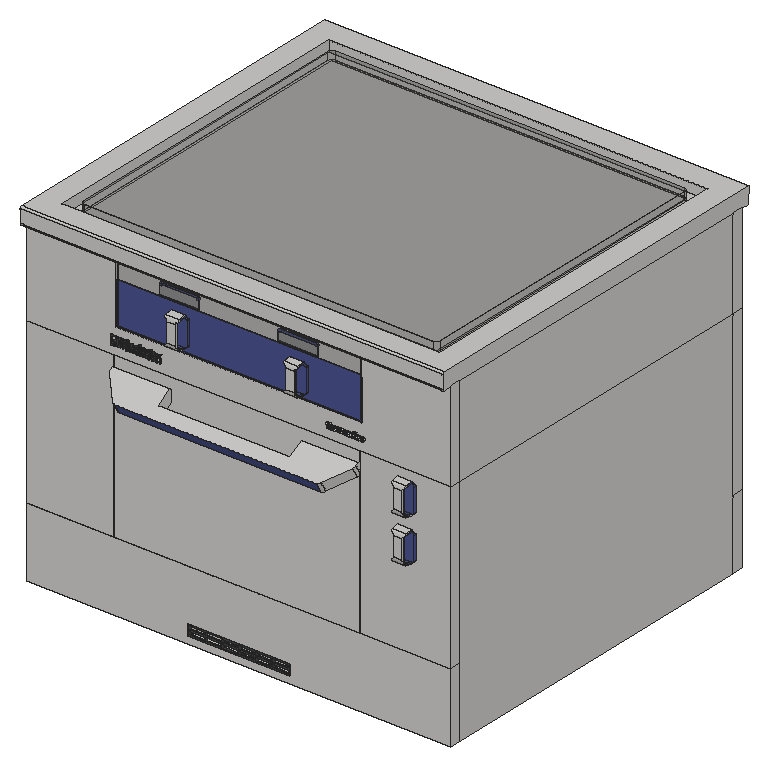
Revit family "QF_ELECTROLUXPROFESSIONAL_589670_MCINFCJ8AO", category Attrezzature speciali, Revit 2020
Family settings
  Quota connettore circolare = Usa diametro
  Tipo di parte = Normale
  Basato su piano di lavoro = No
  Sempre verticale = Sì
  Taglio con vuoti quando caricato = No
  Condiviso = No
  Punto di calcolo locali = No
Parameters (values of type "Standard")
  Weight = 197.00 kg
  Watts = 25000 W
  Volts = 400 V
  URL Manufacturer = "https://www.electroluxprofessional.com/"
  URL = "https://www.electroluxprofessional.com/"
  Steam Supply Size = 0"
  Steam Supply Minimum Pressure = 0.00 psi
  Steam Supply Maximum Pressure = 0.00 psi
  Steam Consumption per Hour = 0
  Refrigeration Suction Line Size = 0 mm
  Refrigeration Liquid Line Size = 0 mm
  Refrigerant Compressor Remote = yes
  Prospetto di default = 0 mm
  Phase = 3
  Modello = "MCINFCJ8AO"
  Produttore = "Electrolux Professional"
  Length Actual = 1000 mm  # constant formula
  Item Number = "589670"
  Hot Water Size = 0"
  Height Actual = 800 mm  # constant formula
  HP = "33.5 HP"
  Gas Size = 0"
  Gas KW = 0
  Gas Input Pressure = 0.0 Btu/h
  Direct Waste Size = 0"
  Descrizione = "INDUCTION,4Z,ST.OV.PASS,2S,1000X900X800H"
  Depth Actual = 900 mm  # constant formula
  Cycle = 50 Hz
  Condensate Return Size = 0"
  Compressed Air Volume = 0 GPM
  Compressed Air Size = 0"
  Compressed Air Pressure = 0.00 psi
  Cold Water Size = 0"
  Accessory = yes
Reference planes
  plane 1 "BACK": y = 0
  plane 2: z = 0
  plane 3 "LEFT": x = -100
  plane 4 "RIGHT": x = 900
  plane 5 "FRONT": y = -900
  plane 6 "TOP": z = 900
  plane 7 "Center (Left/Right)": x = 400
  plane 8: y = -450
  plane 9: z = 100
  plane 10: y = -150
  plane 11 "Panel": y = -855
  plane 12: z = 798
  plane 13: z = 1327
  plane 14: x = -22
  plane 15: x = 822
  plane 16: y = -150
  plane 17: y = -650
  plane 18 "EIx": x = 855
  plane 19 "EIy": y = -685
  plane 20: y = -880
  plane 21: z = 938
Forms (mm)
  Extrusion 1, solid, material "QF_Finishes_Stainless Steel"
    sketch origin (-178.969, -4572, 100) x (-1, 0, 0) y (0, -1, 0)
      loop
        line (-78.969, -4527) -> (-78.969, -3717) -> (-1078.969, -3717) -> (-1078.969, -4527) -> (-78.969, -4527)
    from 550 to 762.969
  Extrusion 2, solid, material "QF_Finishes_Stainless Steel"
    sketch origin (-100, 0, 0) x (0, 1, 0) y (0, 0, 1)
      loop
        line (-855, 100) -> (-855, 265) -> (-880, 265) -> (-880, 100) -> (-855, 100)
    from 0 to 1000
  Extrusion 3, solid, material "QF_Finishes_Stainless Steel"
    sketch origin (-488.969, -4662, 100) x (-1, 0, 0) y (0, -1, 0)
      loop
        circle (-1343.969, -3977) r 6.35
    from 0 to -11.851
  Extrusion 4, solid, material "QF_Finishes_Stainless Steel"
    sketch origin (400, 296.4, 1219.2) x (0, 1, 0) y (0, 0, 1)
      loop
        line (-296.4, -319.2) -> (-1191.4, -319.2)
        arc (-1191.4, -319.2) -> (-1194.935, -320.664) -> (-1196.4, -324.2) r 5
        line (-1196.4, -324.2) -> (-1196.4, -355.2)
        arc (-1196.4, -355.2) -> (-1194.971, -358.264) -> (-1191.705, -359.139) r 4
        line (-1191.705, -359.139) -> (-1176.4, -356.231) -> (-316.4, -356.231) -> (-301.094, -359.139)
        arc (-301.094, -359.139) -> (-297.829, -358.264) -> (-296.4, -355.2) r 4
        line (-296.4, -355.2) -> (-296.4, -319.2)
    from -500 to 500
  Extrusion 5, solid, material "QF_Finishes_Electrolux_Black Smoke Iluminated"
    sketch origin (0, 0, 900) x (-1, 0, 0) y (0, -1, 0)
      loop
        arc (12, 79) -> (19.071, 81.929) -> (22, 89) r 10
        line (22, 89) -> (22, 810)
        arc (22, 810) -> (19.071, 817.071) -> (12, 820) r 10
        line (12, 820) -> (-812, 820)
        arc (-812, 820) -> (-819.071, 817.071) -> (-822, 810) r 10
        line (-822, 810) -> (-822, 89)
        arc (-822, 89) -> (-819.071, 81.929) -> (-812, 79) r 10
        line (-812, 79) -> (12, 79)
    from 0 to -20
  Extrusion 6, solid, material "QF_Finishes_Stainless Steel"
    sketch origin (-178.969, -4572, 100) x (-1, 0, 0) y (0, -1, 0)
      loop
        line (-78.969, -4527) -> (-78.969, -3717) -> (-1078.969, -3717) -> (-1078.969, -4527) -> (-78.969, -4527)
    from 550 to 0
  Extrusion 7, void
    sketch origin (0, -855, 0) x (-1, 0, 0) y (0, 0, 1)
      loop
        line (-520, 116.594) -> (-280, 116.594) -> (-280, 141.594) -> (-520, 141.594) -> (-520, 116.594)
    from 0 to -25
  Extrusion 8, solid, material "QF_Finishes_Black"
    sketch origin (0, -855, 0) x (-1, 0, 0) y (0, 0, 1)
      loop
        line (-280, 141.594) -> (-520, 141.594) -> (-520, 116.594) -> (-280, 116.594) -> (-280, 141.594)
      loop
        line (-282, 139.594) -> (-319.131, 139.594) -> (-319.131, 130.094) -> (-282, 130.094) -> (-282, 139.594)
      loop
        line (-282, 118.594) -> (-282, 128.094) -> (-319.131, 128.094) -> (-319.131, 118.594) -> (-282, 118.594)
      loop
        line (-321.131, 139.594) -> (-359.066, 139.594) -> (-359.066, 130.094) -> (-321.131, 130.094) -> (-321.131, 139.594)
      loop
        line (-399, 139.594) -> (-399, 130.094) -> (-361.066, 130.094) -> (-361.066, 139.594) -> (-399, 139.594)
      loop
        line (-401, 139.594) -> (-438.934, 139.594) -> (-438.934, 130.094) -> (-401, 130.094) -> (-401, 139.594)
      loop
        line (-359.066, 118.594) -> (-321.131, 118.594) -> (-321.131, 128.094) -> (-359.066, 128.094) -> (-359.066, 118.594)
      loop
        line (-361.066, 118.594) -> (-361.066, 128.094) -> (-399, 128.094) -> (-399, 118.594) -> (-361.066, 118.594)
      loop
        line (-401, 128.094) -> (-438.934, 128.094) -> (-438.934, 118.594) -> (-401, 118.594) -> (-401, 128.094)
      loop
        line (-518, 139.594) -> (-518, 130.094) -> (-480.869, 130.094) -> (-480.869, 139.594) -> (-518, 139.594)
      loop
        line (-518, 118.594) -> (-480.869, 118.594) -> (-480.869, 128.094) -> (-518, 128.094) -> (-518, 118.594)
      loop
        line (-478.869, 139.594) -> (-478.869, 130.094) -> (-440.934, 130.094) -> (-440.934, 139.594) -> (-478.869, 139.594)
      loop
        line (-440.934, 118.594) -> (-440.934, 128.094) -> (-478.869, 128.094) -> (-478.869, 118.594) -> (-440.934, 118.594)
    from -25.03 to -20
  Extrusion 9, void
    sketch origin (0, 0, 900) x (-1, 0, 0) y (0, -1, 0)
      loop
        line (47, 845) -> (-847, 845) -> (-847, 54) -> (47, 54) -> (47, 845)
    from 0 to -25
  Extrusion 10, solid, material "QF_Finishes_Stainless Steel"
    sketch origin (0, 0, 900) x (-1, 0, 0) y (0, -1, 0)
      loop
        line (18, 83) -> (18, 816) -> (-818, 816) -> (-818, 83) -> (18, 83)
    from -20 to -25
  Extrusion 11, solid, material "QF_Finishes_Stainless Steel"
    sketch origin (-100, -900, 0) x (0, -1, 0) y (0, 0, -1)
      loop
        line (-855, -100) -> (-880, -100) -> (-880, -265) -> (-855, -265) -> (-855, -100)
    from 0 to 1000
  Extrusion 12, void
    sketch origin (0, -45, 0) x (-1, 0, 0) y (0, 0, -1)
      loop
        line (-520, -116.594) -> (-520, -141.594) -> (-280, -141.594) -> (-280, -116.594) -> (-520, -116.594)
    from 0 to -25
  Extrusion 13, solid, material "QF_Finishes_Black"
    sketch origin (0, -45, 0) x (-1, 0, 0) y (0, 0, -1)
      loop
        line (-280, -141.594) -> (-280, -116.594) -> (-520, -116.594) -> (-520, -141.594) -> (-280, -141.594)
      loop
        line (-282, -139.594) -> (-282, -130.094) -> (-319.131, -130.094) -> (-319.131, -139.594) -> (-282, -139.594)
      loop
        line (-282, -118.594) -> (-319.131, -118.594) -> (-319.131, -128.094) -> (-282, -128.094) -> (-282, -118.594)
      loop
        line (-321.131, -139.594) -> (-321.131, -130.094) -> (-359.066, -130.094) -> (-359.066, -139.594) -> (-321.131, -139.594)
      loop
        line (-399, -139.594) -> (-361.066, -139.594) -> (-361.066, -130.094) -> (-399, -130.094) -> (-399, -139.594)
      loop
        line (-401, -139.594) -> (-401, -130.094) -> (-438.934, -130.094) -> (-438.934, -139.594) -> (-401, -139.594)
      loop
        line (-359.066, -118.594) -> (-359.066, -128.094) -> (-321.131, -128.094) -> (-321.131, -118.594) -> (-359.066, -118.594)
      loop
        line (-361.066, -118.594) -> (-399, -118.594) -> (-399, -128.094) -> (-361.066, -128.094) -> (-361.066, -118.594)
      loop
        line (-401, -128.094) -> (-401, -118.594) -> (-438.934, -118.594) -> (-438.934, -128.094) -> (-401, -128.094)
      loop
        line (-518, -139.594) -> (-480.869, -139.594) -> (-480.869, -130.094) -> (-518, -130.094) -> (-518, -139.594)
      loop
        line (-518, -118.594) -> (-518, -128.094) -> (-480.869, -128.094) -> (-480.869, -118.594) -> (-518, -118.594)
      loop
        line (-478.869, -139.594) -> (-440.934, -139.594) -> (-440.934, -130.094) -> (-478.869, -130.094) -> (-478.869, -139.594)
      loop
        line (-440.934, -118.594) -> (-478.869, -118.594) -> (-478.869, -128.094) -> (-440.934, -128.094) -> (-440.934, -118.594)
    from -25.03 to -20
Cuts and joins
  Extrusion 7, Extrusion 12 cuts Extrusion 6
  Extrusion 7, Extrusion 12 cuts Extrusion 2
  Extrusion 9 cuts Extrusion 4
  Extrusion 12 cuts Extrusion 8
  Extrusion 12 cuts Extrusion 11
Lines and regions (mm)
  symbolic lines
    curve 1: line (-100, 0, 100) -> (900, 0, 100)
    curve 2: line (-100, -900, 100) -> (-100, 0, 100)
    curve 3: line (900, -900, 100) -> (-100, -900, 100)
    curve 4: line (900, 0, 100) -> (900, -900, 100)
    curve 5: line (812, -79, 100) -> (-12, -79, 100)
    curve 6: line (-22, -89, 100) -> (-22, -810, 100)
    curve 7: line (-12, -820, 100) -> (812, -820, 100)
    curve 8: line (822, -810, 100) -> (822, -89, 100)
    curve 9: arc (-12, -79, 100) -> (-19.071, -81.929, 100) -> (-22, -89, 100) r 10
    curve 10: arc (822, -89, 100) -> (819.071, -81.929, 100) -> (812, -79, 100) r 10
    curve 11: arc (812, -820, 100) -> (819.071, -817.071, 100) -> (822, -810, 100) r 10
    curve 12: arc (-22, -810, 100) -> (-19.071, -817.071, 100) -> (-12, -820, 100) r 10
    curve 13: line (847, -54, 900) -> (-47, -54, 900)
    curve 14: line (-47, -54, 900) -> (-47, -845, 900)
    curve 15: line (847, -845, 900) -> (847, -54, 900)
    curve 16: line (-47, -845, 900) -> (847, -845, 900)
  model lines
    curve 17: line (64.474, -422.012, 900) -> (46.796, -404.335, 900)
    curve 18: line (46.796, -404.335, 900) -> (46.796, -169.335, 900)
    curve 19: line (46.796, -169.335, 900) -> (64.474, -151.657, 900)
    curve 20: line (183.85, -245.603, 900) -> (183.85, -325.603, 900)
    curve 21: line (143.85, -285.603, 900) -> (223.85, -285.603, 900)
    curve 22: line (303.226, -422.012, 900) -> (320.903, -404.335, 900)
    curve 23: line (320.903, -404.335, 900) -> (320.903, -169.335, 900)
    curve 24: line (320.903, -169.335, 900) -> (303.226, -151.657, 900)
    curve 25: line (494.474, -422.012, 900) -> (476.796, -404.335, 900)
    curve 26: line (476.796, -404.335, 900) -> (476.796, -169.335, 900)
    curve 27: line (476.796, -169.335, 900) -> (494.474, -151.657, 900)
    curve 28: line (613.85, -245.603, 900) -> (613.85, -325.603, 900)
    curve 29: line (573.85, -285.603, 900) -> (653.85, -285.603, 900)
    curve 30: line (733.226, -422.012, 900) -> (750.903, -404.335, 900)
    curve 31: line (750.903, -404.335, 900) -> (750.903, -169.335, 900)
    curve 32: line (750.903, -169.335, 900) -> (733.226, -151.657, 900)
    curve 33: line (64.474, -477.988, 900) -> (46.796, -495.665, 900)
    curve 34: line (46.796, -495.665, 900) -> (46.796, -730.665, 900)
    curve 35: line (46.796, -730.665, 900) -> (64.474, -748.343, 900)
    curve 36: line (183.85, -654.397, 900) -> (183.85, -574.397, 900)
    curve 37: line (143.85, -614.397, 900) -> (223.85, -614.397, 900)
    curve 38: line (303.226, -477.988, 900) -> (320.903, -495.665, 900)
    curve 39: line (320.903, -495.665, 900) -> (320.903, -730.665, 900)
    curve 40: line (320.903, -730.665, 900) -> (303.226, -748.343, 900)
    curve 41: line (494.474, -477.988, 900) -> (476.796, -495.665, 900)
    curve 42: line (476.796, -495.665, 900) -> (476.796, -730.665, 900)
    curve 43: line (476.796, -730.665, 900) -> (494.474, -748.343, 900)
    curve 44: line (613.85, -654.397, 900) -> (613.85, -574.397, 900)
    curve 45: line (573.85, -614.397, 900) -> (653.85, -614.397, 900)
    curve 46: line (733.226, -477.988, 900) -> (750.903, -495.665, 900)
    curve 47: line (750.903, -495.665, 900) -> (750.903, -730.665, 900)
    curve 48: line (750.903, -730.665, 900) -> (733.226, -748.343, 900)
    curve 49: line (-7.896, -110.891, 900) -> (13.317, -89.677, 900)
    curve 50: line (13.317, -89.677, 900) -> (786.683, -89.677, 900)
    curve 51: line (807.896, -110.891, 900) -> (786.683, -89.677, 900)
    curve 52: line (-7.896, -789.109, 900) -> (13.317, -810.323, 900)
    curve 53: line (13.317, -810.323, 900) -> (786.683, -810.323, 900)
    curve 54: line (807.896, -789.109, 900) -> (786.683, -810.323, 900)
Dimensions and locks
  plane 3 "LEFT" to plane 4 "RIGHT" = 1000 mm
  plane 5 "FRONT" to plane 1 "BACK" = 900 mm
  plane 3 "LEFT" to plane 7 "Center (Left/Right)" to plane 4 "RIGHT" = 500 mm, 500 mm
  equal spacing: plane 5 "FRONT", plane 8, plane 1 "BACK"
  plane 6 "TOP" to level = 900 mm  (x2)
  plane 9 to level = 100 mm
  plane 1 "BACK" to plane 10 to plane 11 "Panel" = 150 mm, 705 mm  (x2)
  plane 6 "TOP" to plane 9 to level = 800 mm, 100 mm
  plane 1 "BACK" to plane 5 "FRONT" = 900 mm
  plane 1 "BACK" to Extrusion 3 = 685 mm
  plane 12 to plane 9 = 698 mm
  plane 13 to plane 6 "TOP" = 427 mm
  plane 6 "TOP" to plane 12 = 102 mm
  plane 14 to plane 3 "LEFT" = 78 mm
  plane 15 to plane 4 "RIGHT" = 78 mm
  locked: plane 1 "BACK" to plane 16 at 150
  locked: plane 16 to plane 17 at 500
  plane 11 "Panel" to plane 5 "FRONT" = 45 mm
  plane 18 "EIx" to plane 4 "RIGHT" = 45 mm
  plane 19 "EIy" to plane 1 "BACK" = 685 mm
  locked: plane 11 "Panel" to plane 20 at 25
  plane 21 to plane 6 "TOP" = 38 mm
  aligned and locked: level to plane 2
  aligned and locked: Extrusion 2 to plane 4 "RIGHT"
  aligned and locked: cut or joined group of Extrusion 4, Extrusion 9 to plane 3 "LEFT"
  aligned and locked: cut or joined group of Extrusion 4, Extrusion 9 to plane 4 "RIGHT"
  aligned and locked: cut or joined group of Extrusion 6, Extrusion 7, Extrusion 12 to plane 4 "RIGHT"
  aligned and locked: cut or joined group of Extrusion 6, Extrusion 7, Extrusion 12 to plane 3 "LEFT"
  aligned and locked: nested 1 to plane 11 "Panel"
  aligned and locked: nested 4 to plane 11 "Panel"
  aligned and locked: Extrusion 1 to plane 11 "Panel"
  aligned and locked: plane 11 "Panel" to cut or joined group of Extrusion 2, Extrusion 7, Extrusion 12
  aligned and locked: nested 2 to plane 20
  aligned and locked: nested 3 to plane 20
  aligned and locked: Extrusion 1 to plane 3 "LEFT"
  aligned and locked: Extrusion 1 to plane 4 "RIGHT"
  aligned and locked: plane 3 "LEFT" to nested 1
  aligned and locked: nested 5 to Extrusion 1
  aligned and locked: nested 5 to plane 3 "LEFT"
Automatic sketch dimensions
  Extrusion 1 sketch curve to plane 4 "RIGHT" = 0 mm
  Extrusion 1 sketch curve to plane 3 "LEFT" = 0 mm
  Extrusion 1 sketch curve to plane 11 "Panel" = 0 mm
  plane 1 "BACK" to Extrusion 1 sketch curve = 45 mm
  Extrusion 2 sketch curve to plane 9 = 0 mm
  Extrusion 2 sketch curve to plane 20 = 0 mm
  Extrusion 2 sketch curve to plane 11 "Panel" = 0 mm
  plane 9 to Extrusion 2 sketch curve = 165 mm
  plane 1 "BACK" to curve 1 = 0 mm
  curve 1 to plane 4 "RIGHT" = 0 mm
  curve 8 to plane 15 = 0 mm
  curve 6 to plane 14 = 0 mm
  curve 2 to plane 3 "LEFT" = 0 mm
  plane 5 "FRONT" to curve 3 = 0 mm
  plane 15 to curve 5 = 10 mm
  plane 15 to curve 11 = 10 mm
  curve 5 to plane 14 = 10 mm
  curve 12 to curve 12 = 10 mm
  plane 10 to curve 5 = 71 mm
  plane 11 "Panel" to curve 11 = 45 mm
  Extrusion 3 sketch curve to plane 18 "EIx" = 0 mm
  Extrusion 3 sketch curve to plane 19 "EIy" = 0 mm
  Extrusion 4 sketch curve to plane 5 "FRONT" = 0 mm
  Extrusion 4 sketch curve to plane 6 "TOP" = 0 mm
  Extrusion 4 sketch curve to plane 20 = 0 mm
  Extrusion 4 sketch curve to plane 1 "BACK" = 0 mm
  Extrusion 4 sketch curve to Extrusion 4 sketch curve = 4 mm
  Extrusion 4 sketch curve to Extrusion 4 sketch curve = 0.695 mm
  Extrusion 4 sketch curve to plane 5 "FRONT" = 5 mm
  plane 1 "BACK" to Extrusion 4 sketch curve = 20 mm
  plane 1 "BACK" to Extrusion 4 sketch curve = 4.695 mm
  plane 1 "BACK" to Extrusion 4 sketch curve = 4 mm
  Extrusion 4 sketch curve to Extrusion 4 sketch curve = 31 mm
  Extrusion 4 sketch curve to Extrusion 4 sketch curve = 36 mm
  Extrusion 4 sketch curve to Extrusion 4 sketch curve = 2.909 mm
  Extrusion 5 sketch curve to plane 15 = 0 mm
  Extrusion 5 sketch curve to plane 14 = 0 mm
  plane 15 to Extrusion 5 sketch curve = 10 mm  (x2)
  Extrusion 5 sketch curve to Extrusion 5 sketch curve = 10 mm  (x2)
  plane 10 to Extrusion 5 sketch curve = 71 mm
  plane 11 "Panel" to Extrusion 5 sketch curve = 45 mm
  Extrusion 6 sketch curve to plane 4 "RIGHT" = 0 mm
  Extrusion 6 sketch curve to plane 3 "LEFT" = 0 mm
  Extrusion 6 sketch curve to plane 11 "Panel" = 0 mm
  plane 1 "BACK" to Extrusion 6 sketch curve = 45 mm
  plane 9 to Extrusion 7 sketch curve = 41.594 mm
  plane 7 "Center (Left/Right)" to Extrusion 7 sketch curve = 120 mm
  Extrusion 7 sketch curve to plane 7 "Center (Left/Right)" = 120 mm
  plane 9 to Extrusion 7 sketch curve = 16.594 mm
  plane 9 to Extrusion 8 sketch curve = 41.594 mm
  plane 7 "Center (Left/Right)" to Extrusion 8 sketch curve = 120 mm
  Extrusion 8 sketch curve to Extrusion 8 sketch curve = 2 mm  (x15)
  Extrusion 8 sketch curve to Extrusion 8 sketch curve = 0 mm  (x16)
  Extrusion 8 sketch curve to Extrusion 8 sketch curve = 37.131 mm  (x2)
  Extrusion 8 sketch curve to Extrusion 8 sketch curve = 37.934 mm  (x3)
  plane 7 "Center (Left/Right)" to Extrusion 8 sketch curve = 1 mm  (x2)
  Extrusion 8 sketch curve to plane 7 "Center (Left/Right)" = 1 mm  (x2)
  plane 9 to Extrusion 8 sketch curve = 18.594 mm  (x4)
  Extrusion 8 sketch curve to Extrusion 8 sketch curve = 9.5 mm  (x6)
  plane 18 "EIx" to Extrusion 9 sketch curve = 8 mm
  plane 14 to Extrusion 9 sketch curve = 25 mm
  plane 1 "BACK" to Extrusion 9 sketch curve = 54 mm
  plane 11 "Panel" to Extrusion 9 sketch curve = 10 mm
  plane 15 to Extrusion 10 sketch curve = 4 mm
  Extrusion 10 sketch curve to plane 14 = 4 mm
  plane 10 to Extrusion 10 sketch curve = 67 mm
  plane 11 "Panel" to Extrusion 10 sketch curve = 39 mm
  plane 18 "EIx" to curve 13 = 8 mm
  plane 15 to curve 53 = 35.317 mm
  plane 15 to curve 51 = 35.317 mm
  plane 15 to curve 46 = 71.097 mm
  curve 32 to plane 10 = 19.335 mm
  plane 15 to curve 32 = 71.097 mm
  curve 27 to plane 10 = 19.335 mm
  plane 7 "Center (Left/Right)" to curve 27 = 76.796 mm
  plane 7 "Center (Left/Right)" to curve 43 = 76.796 mm
  curve 24 to plane 10 = 19.335 mm
  curve 24 to plane 7 "Center (Left/Right)" = 79.097 mm
  curve 40 to plane 7 "Center (Left/Right)" = 79.097 mm
  curve 35 to plane 14 = 68.796 mm
  curve 19 to plane 10 = 19.335 mm
  curve 19 to plane 14 = 68.796 mm
  curve 50 to plane 14 = 35.317 mm
  curve 53 to plane 14 = 35.317 mm
  plane 14 to curve 14 = 25 mm
  plane 10 to curve 50 = 60.323 mm
  plane 1 "BACK" to curve 15 = 54 mm
  plane 8 to curve 26 = 45.665 mm
  plane 8 to curve 17 = 45.665 mm
  plane 8 to curve 30 = 45.665 mm
  plane 8 to curve 22 = 45.665 mm
  curve 34 to plane 8 = 45.665 mm
  curve 42 to plane 8 = 45.665 mm
  curve 38 to plane 8 = 45.665 mm
  curve 46 to plane 8 = 45.665 mm
  curve 42 to plane 19 "EIy" = 45.665 mm
  curve 40 to plane 19 "EIy" = 45.665 mm
  curve 34 to plane 19 "EIy" = 45.665 mm
  curve 47 to plane 19 "EIy" = 45.665 mm
  plane 11 "Panel" to curve 54 = 44.677 mm
  plane 11 "Panel" to curve 15 = 10 mm
  plane 15 to curve 54 = 14.104 mm
  plane 15 to curve 51 = 14.104 mm
  curve 46 to plane 8 = 27.988 mm
  curve 46 to curve 46 = 17.678 mm
  curve 47 to curve 48 = 17.678 mm  (x2)
  curve 32 to plane 10 = 1.657 mm
  curve 31 to curve 32 = 17.678 mm
  plane 8 to curve 30 = 27.988 mm
  curve 30 to curve 30 = 17.678 mm
  curve 45 to plane 17 = 35.603 mm
  curve 47 to curve 45 = 97.053 mm
  curve 31 to curve 29 = 97.053 mm
  plane 17 to curve 44 = 4.397 mm
  curve 45 to curve 44 = 40 mm
  curve 29 to curve 28 = 40 mm  (x2)
  curve 28 to curve 29 = 40 mm  (x2)
  curve 44 to curve 45 = 40 mm  (x2)
  curve 43 to curve 42 = 17.678 mm
  plane 8 to curve 25 = 27.988 mm
  curve 25 to curve 25 = 17.678 mm
  curve 41 to plane 8 = 27.988 mm
  curve 41 to curve 41 = 17.678 mm
  curve 27 to plane 10 = 1.657 mm
  curve 27 to curve 26 = 17.678 mm
  curve 38 to plane 8 = 27.988 mm
  curve 38 to curve 38 = 17.678 mm
  plane 8 to curve 22 = 27.988 mm
  curve 22 to curve 22 = 17.678 mm
  curve 24 to plane 10 = 1.657 mm
  curve 23 to curve 24 = 17.678 mm
  curve 39 to curve 40 = 17.678 mm  (x2)
  curve 37 to plane 17 = 35.603 mm
  curve 39 to curve 37 = 97.053 mm
  curve 23 to curve 21 = 97.053 mm
  curve 21 to curve 20 = 40 mm  (x2)
  plane 17 to curve 36 = 4.397 mm
  curve 37 to curve 36 = 40 mm
  curve 36 to curve 37 = 40 mm  (x2)
  curve 20 to curve 21 = 40 mm  (x2)
  plane 8 to curve 17 = 27.988 mm
  curve 17 to curve 17 = 17.678 mm
  curve 19 to plane 10 = 1.657 mm
  curve 19 to curve 18 = 17.678 mm
  curve 33 to plane 8 = 27.988 mm
  curve 33 to curve 33 = 17.678 mm
  curve 35 to curve 34 = 17.678 mm
  curve 49 to plane 14 = 14.104 mm
  curve 52 to plane 14 = 14.104 mm
  curve 49 to curve 49 = 21.213 mm
  curve 50 to curve 51 = 21.213 mm
  curve 28 to plane 10 = 95.603 mm
  curve 20 to plane 10 = 95.603 mm
  curve 42 to curve 43 = 17.678 mm
  curve 34 to curve 35 = 17.678 mm
  curve 54 to curve 53 = 21.213 mm
  curve 52 to curve 52 = 21.213 mm
  Extrusion 11 sketch curve to plane 9 = 0 mm
  plane 1 "BACK" to Extrusion 11 sketch curve = 20 mm
  Extrusion 11 sketch curve to Extrusion 11 sketch curve = 25 mm
  plane 9 to Extrusion 11 sketch curve = 165 mm
  plane 9 to Extrusion 12 sketch curve = 41.594 mm
  plane 7 "Center (Left/Right)" to Extrusion 12 sketch curve = 120 mm
  Extrusion 12 sketch curve to plane 7 "Center (Left/Right)" = 120 mm
  plane 9 to Extrusion 12 sketch curve = 16.594 mm
  plane 9 to Extrusion 13 sketch curve = 41.594 mm
  plane 7 "Center (Left/Right)" to Extrusion 13 sketch curve = 120 mm
  Extrusion 13 sketch curve to Extrusion 13 sketch curve = 2 mm  (x19)
  Extrusion 13 sketch curve to Extrusion 13 sketch curve = 0 mm  (x15)
  Extrusion 13 sketch curve to Extrusion 13 sketch curve = 37.131 mm  (x2)
  Extrusion 13 sketch curve to Extrusion 13 sketch curve = 37.934 mm  (x3)
  plane 7 "Center (Left/Right)" to Extrusion 13 sketch curve = 1 mm  (x2)
  Extrusion 13 sketch curve to plane 7 "Center (Left/Right)" = 1 mm  (x2)
  plane 9 to Extrusion 13 sketch curve = 18.594 mm
  plane 9 to Extrusion 13 sketch curve = 39.594 mm
  Extrusion 13 sketch curve to Extrusion 13 sketch curve = 9.5 mm  (x5)
  radius of Extrusion 3 sketch curve = 6.35 mm
Nested families
  nested 1: "Door_Panel_W1000_A" at (400, -855, 0), type "Door_Panel_W1000_A"
  nested 2: "FIT Range Control Handle" at (795, -883.137, -372.751), type "FIT Range Control Handle"
  nested 3: "FIT Range Control Handle" at (795, -883.137, -474.751), type "FIT Range Control Handle"
  nested 4: "Front_Panel_W1000_2 Knobs" at (102.376, -855, 0), type "Front_Panel_W1000_2 Knobs"
  nested 5: "Front_Panel_W1000_Two Knobs_Back" at (697.624, -45, 0) x (-1, 0, 0) z (0, 0, 1), type "Front_Panel_W1000_Two Knobs_Back"
  nested 6: "Door_Panel_W1000_A" at (400, -45, 0), type "Door_Panel_W1000_A"
Connectors
  electrical at (855, -685, 88.149)
    settings: on Extrusion 3, index 1, voltage 400 V, apparent load 33000 VA, apparent load phase1 0 VA, apparent load phase2 0 VA, apparent load phase3 0 VA, power factor 1, load classification "Other", number of poles 1, system type 30, power factor state 1, is connector primary yes, connector utility no, sub classification motor no, connector description "ELECTRICAL CONNECTION"
Definition of nested family "Door_Panel_W1000_A"
  Parameters
    Default Elevation = 0 mm
  Reference planes
    plane 1 "Center (Front/Back)": y = 0
    plane 2 "Ref. Level": z = 0
    plane 3: x = 500
    plane 4: x = -500
    plane 5 "Center (Left/Right)": x = 0
    plane 6: x = -295
    plane 7: x = 285
    plane 8 "Manopola": through (-6096, -50.059, 612.389) normal (0, -0.515, 0.8572)
    plane 9 "Top": z = 650
    plane 10: z = 265
    plane 11: z = 200
  Forms (mm)
    Extrusion 1, solid
      sketch origin (0, 0, 0) x (0, 1, 0) y (0, 0, 1)
        loop
          line (-25.03, 650) -> (-25.03, 265) -> (0, 265) -> (0, 650) -> (-25.03, 650)
      from 285 to 500
    Extrusion 2, solid
      sketch origin (0, 0, 0) x (0, 1, 0) y (0, 0, 1)
        loop
          line (-25.03, 650) -> (-25.03, 265) -> (0, 265) -> (0, 650) -> (-25.03, 650)
      from -500 to -295
    Extrusion 3, solid
      sketch origin (0, 0, 0) x (0, 1, 0) y (0, 0, 1)
        loop
          line (-25.03, 650) -> (-25.03, 265) -> (0, 265) -> (0, 650) -> (-25.03, 650)
      from -295 to 285
    Extrusion 4, solid
      sketch origin (0, -283.633, 472.044) x (0, 0.857167, 0.515038) y (-1, 0, 0)
        loop
          line (299.12, -285) -> (299.12, 295) -> (290.982, 295)
          arc (290.982, 295) -> (286.677, 294.026) -> (283.211, 291.293) r 10
          line (283.211, 291.293) -> (233.28, 250.86)
          arc (233.28, 250.86) -> (230.548, 247.394) -> (229.574, 243.089) r 10
          line (229.574, 243.089) -> (229.574, -233.089)
          arc (229.574, -233.089) -> (230.548, -237.394) -> (233.28, -240.86) r 10
          line (233.28, -240.86) -> (283.211, -281.293)
          arc (283.211, -281.293) -> (286.677, -284.026) -> (290.982, -285) r 10
          line (290.982, -285) -> (299.12, -285)
      from -27 to 0
    Extrusion 5, void
      sketch origin (0, 0, 0) x (0, 1, 0) y (0, 0, 1)
        loop
          line (-61.514, 605.507) -> (-47.608, 582.363) -> (-25.03, 595.93) -> (-25.03, 627.429) -> (-61.514, 605.507)
      from -160 to 150
    Extrusion 6, solid, detail levels coarse
      sketch origin (0, 0, 0) x (0, 1, 0) y (0, 0, 1)
        loop
          line (-25.03, 265) -> (-25.03, 650)
          arc (-25.03, 650) -> (-297.266, 537.236) -> (-410.03, 265) r 385
          line (-410.03, 265) -> (-25.03, 265)
      from -295 to 285
  Cuts and joins
    Extrusion 5 cuts Extrusion 4
    joined: Extrusion 3, Extrusion 4
  Lines and regions (mm)
    symbolic lines
      curve 1: line (-287.355, -45.043, 0) -> (-250.86, -83.673, 0)
      curve 2: line (-243.089, -86.85, 0) -> (233.089, -86.85, 0)
      curve 3: line (240.86, -83.673, 0) -> (277.355, -45.043, 0)
      curve 4: arc (-243.089, -86.85, 0) -> (-247.318, -86.101, 0) -> (-250.86, -83.673, 0) r 10.165
      curve 5: arc (233.089, -86.85, 0) -> (237.318, -86.101, 0) -> (240.86, -83.673, 0) r 10.165
      curve 6: line (-295, -45.043, 0) -> (-295, -410.03, 0)
      curve 7: line (-295, -410.03, 0) -> (285, -410.03, 0)
      curve 8: line (285, -410.03, 0) -> (285, -45.03, 0)
  Dimensions and locks
    plane 3 to plane 4 = 1000 mm
    plane 4 to plane 3 = 1000 mm
    equal spacing: plane 3, plane 5 "Center (Left/Right)", plane 4
    plane 6 to plane 4 = 205 mm
    plane 3 to plane 7 = 215 mm
    plane 11 to level = 200 mm
    plane 10 to plane 11 = 65 mm
    plane 10 to plane 9 "Top" = 385 mm
    plane 9 "Top" to plane 11 = 450 mm
    aligned and locked: plane 3 to Extrusion 1
    aligned and locked: cut or joined group of Extrusion 3, Extrusion 4, Extrusion 5 to plane 6
    aligned and locked: cut or joined group of Extrusion 3, Extrusion 4, Extrusion 5 to plane 7
    aligned and locked: plane 7 to Extrusion 1
    aligned and locked: plane 6 to Extrusion 2
    aligned and locked: Extrusion 2 to plane 4
    aligned and locked: plane 10 to Extrusion 2
    aligned and locked: plane 10 to cut or joined group of Extrusion 3, Extrusion 4, Extrusion 5
    aligned and locked: plane 10 to Extrusion 1
    aligned and locked: Extrusion 6 to plane 6
    aligned and locked: Extrusion 6 to plane 7
  Automatic sketch dimensions
    Extrusion 5 sketch curve to plane 8 "Manopola" = 0 mm  (x2)
    plane 1 "Center (Front/Back)" to Extrusion 5 sketch curve = 61.514 mm
    Extrusion 5 sketch curve to Extrusion 5 sketch curve = 13.906 mm
    plane 1 "Center (Front/Back)" to Extrusion 5 sketch curve = 25.03 mm
    Extrusion 4 sketch curve to plane 7 = 0 mm
    Extrusion 4 sketch curve to plane 6 = 0 mm
    plane 6 to Extrusion 4 sketch curve = 51.911 mm
    plane 7 to Extrusion 4 sketch curve = 44.14 mm
    Extrusion 4 sketch curve to Extrusion 4 sketch curve = 3.707 mm  (x2)
    plane 6 to Extrusion 4 sketch curve = 44.14 mm
    plane 7 to Extrusion 4 sketch curve = 3.707 mm
    Extrusion 4 sketch curve to Extrusion 4 sketch curve = 49.93 mm  (x2)
    plane 6 to Extrusion 4 sketch curve = 3.707 mm
    Extrusion 4 sketch curve to Extrusion 4 sketch curve = 7.771 mm  (x3)
    Extrusion 4 sketch curve to Extrusion 4 sketch curve = 8.138 mm
    Extrusion 2 sketch curve to plane 1 "Center (Front/Back)" = 0 mm
    Extrusion 3 sketch curve to plane 1 "Center (Front/Back)" = 0 mm
    Extrusion 1 sketch curve to plane 1 "Center (Front/Back)" = 0 mm
    Extrusion 2 sketch curve to plane 9 "Top" = 0 mm
    Extrusion 2 sketch curve to Extrusion 2 sketch curve = 25.03 mm
    Extrusion 3 sketch curve to plane 9 "Top" = 0 mm
    Extrusion 3 sketch curve to Extrusion 3 sketch curve = 25.03 mm
    Extrusion 1 sketch curve to plane 9 "Top" = 0 mm
    plane 1 "Center (Front/Back)" to Extrusion 1 sketch curve = 25.03 mm
    level to Extrusion 1 sketch curve = 265 mm
    level to Extrusion 2 sketch curve = 265 mm
    level to Extrusion 3 sketch curve = 265 mm
    plane 10 to Extrusion 6 sketch curve = 0 mm
    Extrusion 6 sketch curve to plane 9 "Top" = 0 mm
    plane 1 "Center (Front/Back)" to Extrusion 6 sketch curve = 25.03 mm
    curve 7 to plane 7 = 0 mm
    plane 6 to curve 1 = 44.14 mm
    curve 4 to curve 4 = 7.389 mm
    curve 4 to curve 2 = 7.771 mm
    plane 7 to curve 2 = 51.911 mm
    curve 2 to curve 5 = 0.382 mm
    curve 2 to curve 3 = 7.771 mm
    plane 1 "Center (Front/Back)" to curve 6 = 410.03 mm
    plane 1 "Center (Front/Back)" to curve 2 = 86.85 mm
    curve 2 to curve 3 = 3.177 mm
    curve 2 to curve 1 = 3.177 mm
    plane 7 to curve 3 = 7.645 mm
    plane 1 "Center (Front/Back)" to curve 3 = 45.043 mm
    curve 3 to curve 8 = 0.013 mm
    curve 7 to plane 6 = 0 mm
    curve 6 to curve 1 = 7.645 mm
    plane 1 "Center (Front/Back)" to curve 1 = 45.043 mm
    curve 6 to curve 1 = 0 mm
Definition of nested family "FIT Range Control Handle"
  Parameters
    Default Elevation = 0 mm
  Reference planes
    plane 1 "Center (Front/Back)": y = 0
    plane 2: z = 0
    plane 3 "Center (Left/Right)": x = 0
    plane 4: z = 971.092
    plane 5: y = -16.8
  Forms (mm)
    Extrusion 1, solid
      sketch origin (-746.28, 380.497, 208.931) x (-1, 0, 0) y (0, 0, 1)
        loop
          line (-770.101, 786.798) -> (-770.101, 731.649)
          arc (-770.101, 731.649) -> (-769.759, 730.563) -> (-768.855, 729.87) r 1.893
          line (-768.855, 729.87) -> (-763.474, 727.911) -> (-729.81, 727.911) -> (-724.428, 729.87)
          arc (-724.428, 729.87) -> (-723.525, 730.563) -> (-723.183, 731.649) r 1.893
          line (-723.183, 731.649) -> (-723.183, 786.798)
          arc (-723.183, 786.798) -> (-723.529, 787.894) -> (-724.44, 788.593) r 1.91
          line (-724.44, 788.593) -> (-729.683, 790.819) -> (-763.601, 790.819) -> (-768.844, 788.593)
          arc (-768.844, 788.593) -> (-769.755, 787.894) -> (-770.101, 786.798) r 1.91
      from -382.35 to -378.852
    Sweep 2, solid
      path origin (-746.788, 380.496, 208.091) x (0, -1, 0) y (0, 0, 1)
        loop
          line (379.775, 793.281) -> (395.661, 791.048)
          arc (395.661, 791.048) -> (397.781, 787.377) -> (398.517, 783.202) r 12.207
          line (398.517, 783.202) -> (398.517, 737.368)
          arc (398.517, 737.368) -> (397.781, 733.193) -> (395.661, 729.522) r 12.207
          line (395.661, 729.522) -> (379.775, 727.289)
      profile origin (-746.788, -7.222, 1000.256) x (0, -0.139173, 0.990268) y (-1, 0, 0)
        loop
          line (0.782, -763.123) -> (0.782, -730.907) -> (-1.322, -730.907) -> (-1.322, -763.123) -> (0.782, -763.123)
    Sweep 3, solid
      path origin (-746.788, 380.715, 207.832) x (0, -1, 0) y (0, 0, 1)
        loop
          line (380.478, 795.442) -> (397.218, 793.09)
          arc (397.218, 793.09) -> (399.929, 788.473) -> (400.871, 783.202) r 15.207
          line (400.871, 783.202) -> (400.871, 737.584)
          arc (400.871, 737.584) -> (399.914, 732.274) -> (397.164, 727.633) r 15.207
          line (397.164, 727.633) -> (380.601, 725.305)
      profile origin (-746.788, -8.132, 1002.099) x (0, -0.139173, 0.990268) y (-1, 0, 0)
        loop
          line (0.782, -763.123) -> (0.782, -730.907) -> (-1.322, -730.907) -> (-1.322, -763.123) -> (0.782, -763.123)
    Extrusion 4, void
      sketch origin (889.253, 220.666, 207.993) x (1, 0, 0) y (0, 0, 1)
        loop
          line (-943.038, 816.854) -> (-943.038, 703.686) -> (-899.466, 734.196) -> (-899.466, 786.344) -> (-943.038, 816.854)
      from 230.636 to 242.25
    Extrusion 5, void
      sketch origin (-888.8, 220.666, 207.993) x (-1, 0, 0) y (0, 0, -1)
        loop
          line (-943.038, -816.854) -> (-899.466, -786.344) -> (-899.466, -734.196) -> (-943.038, -703.686) -> (-943.038, -816.854)
      from 230.636 to 242.25
    Extrusion 6, solid
      sketch origin (0, 0, 0) x (1, 0, 0) y (0, 0, 1)
        loop
          circle (0, 971.092) r 7.736
      from -3.137 to -1.645
  Cuts and joins
    Extrusion 4, Extrusion 5 cuts Sweep 3
    Extrusion 4, Extrusion 5 cuts Sweep 2
    joined: Extrusion 1, Extrusion 6
  Lines and regions (mm)
    symbolic lines
      curve 1: line (-15.881, -19.189, 0) -> (-15.881, -16.8, 0)
      curve 2: line (16.334, -19.189, 0) -> (16.334, -16.8, 0)
      curve 3: spline (-15.881, -19.189, 0) -> (-15.417, -19.349, 0) -> (-14.951, -19.501, 0) -> (-14.483, -19.646, 0) -> (-14.014, -19.783, 0) -> (-13.543, -19.912, 0) -> (-13.071, -20.033, 0) -> (-12.597, -20.146, 0) -> (-12.122, -20.251, 0) -> (-11.646, -20.349, 0) -> (-11.169, -20.438, 0) -> (-10.691, -20.52, 0) -> (-10.213, -20.593, 0)
      curve 4: spline (10.666, -20.593, 0) -> (11.144, -20.52, 0) -> (11.622, -20.438, 0) -> (12.099, -20.349, 0) -> (12.575, -20.251, 0) -> (13.05, -20.146, 0) -> (13.524, -20.033, 0) -> (13.996, -19.912, 0) -> (14.467, -19.783, 0) -> (14.936, -19.646, 0) -> (15.404, -19.501, 0) -> (15.87, -19.349, 0) -> (16.334, -19.189, 0)
      curve 5: line (-10.213, -20.938, 0) -> (10.716, -20.938, 0)
  Dimensions and locks
    cut or joined group of Sweep 3, Extrusion 4, Extrusion 5 to cut or joined group of Sweep 3, Extrusion 4, Extrusion 5 = 71.686 mm
Definition of nested family "Front_Panel_W1000_2 Knobs"
  Parameters
    Default Elevation = 0 mm
  Reference planes
    plane 1 "Center (Front/Back)": y = 0
    plane 2: z = 0
    plane 3 "Center (Left/Right)": x = 297.624
    plane 4 "Left": x = -202.376
    plane 5 "Right": x = 797.624
    plane 6: y = -45
    plane 7: x = 157.624
    plane 8: y = -25
    plane 9: x = -2.376
    plane 10: x = 437.624
    plane 11: x = 594.715
  Forms (mm)
    Extrusion 1, solid
      sketch origin (833.217, 829.203, -1.25) x (0, 1, 0) y (0, 0, 1)
        loop
          line (-854.203, 651.25) -> (-829.203, 651.25) -> (-829.203, 864.25) -> (-854.203, 864.25) -> (-854.203, 651.25)
      from -1035.593 to -35.593
    Extrusion 2, void
      sketch origin (0, 0, 0) x (1, 0, 0) y (0, 0, 1)
        loop
          line (7.624, 853.866) -> (7.624, 711.866) -> (587.624, 711.866) -> (587.624, 853.866) -> (7.624, 853.866)
      from 19.387 to 33.951
  Cuts and joins
    Extrusion 2 cuts Extrusion 1
  Dimensions and locks
    equal spacing: plane 5 "Right", plane 3 "Center (Left/Right)", plane 4 "Left"
    plane 5 "Right" to plane 4 "Left" = 1000 mm
    plane 3 "Center (Left/Right)" to plane 7 = 140 mm
    plane 10 to plane 3 "Center (Left/Right)" = 140 mm
    aligned and locked: cut or joined group of Extrusion 1, Extrusion 2 to plane 4 "Left"
    aligned and locked: plane 5 "Right" to cut or joined group of Extrusion 1, Extrusion 2
    aligned and locked: plane 3 "Center (Left/Right)" to nested 2
    aligned and locked: cut or joined group of Extrusion 1, Extrusion 2 to nested 2
  Automatic sketch dimensions
    Extrusion 1 sketch curve to plane 1 "Center (Front/Back)" = 0 mm
    level to Extrusion 1 sketch curve = 650 mm
    plane 4 "Left" to Extrusion 2 sketch curve = 210 mm
    Extrusion 2 sketch curve to plane 5 "Right" = 210 mm
    level to Extrusion 2 sketch curve = 711.866 mm
    Extrusion 2 sketch curve to Extrusion 2 sketch curve = 142 mm
    Extrusion 1 sketch curve to plane 6 = 20 mm
    Extrusion 1 sketch curve to Extrusion 1 sketch curve = 213 mm
  Nested families
    nested 1: "Range Control Handle" at (157.624, -28.137, -209.113) x (-1, 0, 0) z (0, 0, 1), type "Range Control Handle"
    nested 2: "Front glass control panel W1000_2 Knobs" at (297.624, 280.644, 2.752), type "Front glass control panel W1000_2 Knobs"
    nested 3: "Range Control Handle" at (437.624, -28.137, -209.113), type "Range Control Handle"
    nested 4: "ELX_ThermaLine_Small" at (546.122, -25, 679.426) x (1, 0, 0) z (0, -1, 0), type "ELX_ThermaLine_Small"
      with Show Logo yes, Material_Logo none
    nested 5: "ELX_Professional_Logo_Small" at (57.11, -25, 681.659) x (1, 0, 0) z (0, -1, 0), type "ELX_Professional_Logo_Small"
      with Show Logo yes, Material_Logo none
  Definition of nested family "Range Control Handle"
    Parameters
      Default Elevation = 0 mm
    Reference planes
      plane 1 "Center (Front/Back)": y = 0
      plane 2: z = 0
      plane 3 "Center (Left/Right)": x = 0
      plane 4: z = 971.092
      plane 5: y = -16.9
    Forms (mm)
      Extrusion 1, solid
        sketch origin (-746.28, 380.497, 208.931) x (-1, 0, 0) y (0, 0, 1)
          loop
            line (-770.101, 786.798) -> (-770.101, 731.649)
            arc (-770.101, 731.649) -> (-769.759, 730.563) -> (-768.855, 729.87) r 1.893
            line (-768.855, 729.87) -> (-763.474, 727.911) -> (-729.81, 727.911) -> (-724.428, 729.87)
            arc (-724.428, 729.87) -> (-723.525, 730.563) -> (-723.183, 731.649) r 1.893
            line (-723.183, 731.649) -> (-723.183, 786.798)
            arc (-723.183, 786.798) -> (-723.529, 787.894) -> (-724.44, 788.593) r 1.91
            line (-724.44, 788.593) -> (-729.683, 790.819) -> (-763.601, 790.819) -> (-768.844, 788.593)
            arc (-768.844, 788.593) -> (-769.755, 787.894) -> (-770.101, 786.798) r 1.91
        from -382.35 to -378.852
      Sweep 2, solid
        path origin (-746.788, 380.496, 208.091) x (0, -1, 0) y (0, 0, 1)
          loop
            line (379.775, 793.281) -> (395.661, 791.048)
            arc (395.661, 791.048) -> (397.781, 787.377) -> (398.517, 783.202) r 12.207
            line (398.517, 783.202) -> (398.517, 737.368)
            arc (398.517, 737.368) -> (397.781, 733.193) -> (395.661, 729.522) r 12.207
            line (395.661, 729.522) -> (379.775, 727.289)
        profile origin (-746.788, -7.222, 1000.256) x (0, -0.139173, 0.990268) y (-1, 0, 0)
          loop
            line (0.782, -763.123) -> (0.782, -730.907) -> (-1.322, -730.907) -> (-1.322, -763.123) -> (0.782, -763.123)
      Sweep 3, solid
        path origin (-746.788, 380.715, 207.832) x (0, -1, 0) y (0, 0, 1)
          loop
            line (380.478, 795.442) -> (397.218, 793.09)
            arc (397.218, 793.09) -> (399.929, 788.473) -> (400.871, 783.202) r 15.207
            line (400.871, 783.202) -> (400.871, 737.584)
            arc (400.871, 737.584) -> (399.914, 732.274) -> (397.164, 727.633) r 15.207
            line (397.164, 727.633) -> (380.601, 725.305)
        profile origin (-746.788, -8.132, 1002.099) x (0, -0.139173, 0.990268) y (-1, 0, 0)
          loop
            line (0.782, -763.123) -> (0.782, -730.907) -> (-1.322, -730.907) -> (-1.322, -763.123) -> (0.782, -763.123)
      Extrusion 4, void
        sketch origin (889.253, 220.666, 207.993) x (1, 0, 0) y (0, 0, 1)
          loop
            line (-943.038, 816.854) -> (-943.038, 703.686) -> (-899.466, 734.196) -> (-899.466, 786.344) -> (-943.038, 816.854)
        from 230.636 to 242.25
      Extrusion 5, void
        sketch origin (-888.8, 220.666, 207.993) x (-1, 0, 0) y (0, 0, -1)
          loop
            line (-943.038, -816.854) -> (-899.466, -786.344) -> (-899.466, -734.196) -> (-943.038, -703.686) -> (-943.038, -816.854)
        from 230.636 to 242.25
      Extrusion 6, solid
        sketch origin (0, 0, 0) x (1, 0, 0) y (0, 0, 1)
          loop
            circle (0, 971.092) r 7.736
        from -3.137 to -1.645
    Cuts and joins
      Extrusion 4, Extrusion 5 cuts Sweep 3
      Extrusion 4, Extrusion 5 cuts Sweep 2
      joined: Extrusion 1, Extrusion 6
    Lines and regions (mm)
      symbolic lines
        curve 1: line (16.334, -16.9, 0) -> (16.334, -19.227, 0)
        curve 2: spline (16.334, -19.227, 0) -> (15.87, -19.385, 0) -> (15.404, -19.536, 0) -> (14.936, -19.678, 0) -> (14.466, -19.813, 0) -> (13.995, -19.94, 0) -> (13.523, -20.059, 0) -> (13.049, -20.171, 0) -> (12.575, -20.274, 0) -> (12.099, -20.37, 0) -> (11.622, -20.458, 0) -> (11.144, -20.537, 0) -> (10.666, -20.609, 0)
        curve 3: line (10.666, -16.9, 0) -> (10.666, -20.938, 0)
        curve 4: line (-10.213, -20.938, 0) -> (10.666, -20.938, 0)
        curve 5: line (-10.213, -20.938, 0) -> (-10.213, -16.9, 0)
        curve 6: spline (-10.213, -20.609, 0) -> (-10.691, -20.537, 0) -> (-11.169, -20.458, 0) -> (-11.646, -20.37, 0) -> (-12.122, -20.274, 0) -> (-12.597, -20.171, 0) -> (-13.07, -20.059, 0) -> (-13.542, -19.94, 0) -> (-14.013, -19.813, 0) -> (-14.483, -19.678, 0) -> (-14.951, -19.536, 0) -> (-15.417, -19.385, 0) -> (-15.881, -19.227, 0)
        curve 7: line (-15.881, -19.227, 0) -> (-15.881, -16.9, 0)
  Definition of nested family "Front glass control panel W1000_2 Knobs"
    Parameters
      Default Elevation = 0 mm
    Reference planes
      plane 1 "Center (Front/Back)": y = 0
      plane 2: z = 0
      plane 3 "Center (Left/Right)": x = 0
      plane 4: x = -140
      plane 5: x = 140
    Forms (mm)
      Extrusion 1, solid
        sketch origin (378.286, 0, 0.617) x (1, 0, 0) y (0, 0, 1)
          loop
            line (-668.286, 806.791) -> (-668.286, 708.497) -> (-88.286, 708.497) -> (-88.286, 806.791) -> (-668.286, 806.791)
        from 300.031 to 304.8
      Extrusion 2, solid
        sketch origin (378.286, 0, 0.617) x (1, 0, 0) y (0, 0, 1)
          loop
            line (-668.286, 850.497) -> (-668.286, 806.791) -> (-88.286, 806.791) -> (-88.286, 850.497) -> (-668.286, 850.497)
        from 300.031 to 304.8
      Extrusion 3, void
        sketch origin (378.286, 0, 0.617) x (1, 0, 0) y (0, 0, 1)
          loop
            line (-665.628, 847.565) -> (-665.628, 710.699) -> (-91.196, 710.699) -> (-91.196, 847.565) -> (-665.628, 847.565)
        from 303.697 to 304.8
      Extrusion 4, solid
        sketch origin (-448.309, 1.101, -0.633) x (-1, 0, 0) y (0, 0, -1)
          loop
            line (-261.431, -812.62) -> (-355.186, -812.62) -> (-355.186, -834.177) -> (-350.269, -834.177) -> (-348.469, -835.977) -> (-268.039, -835.977) -> (-266.24, -834.177) -> (-261.431, -834.177) -> (-261.431, -812.62)
        from 304.798 to 306.745
      Extrusion 5, solid
        sketch origin (-448.309, 1.101, -0.633) x (-1, 0, 0) y (0, 0, -1)
          loop
            line (-350.269, -834.177) -> (-355.078, -834.177)
            arc (-355.078, -834.177) -> (-353.942, -838.747) -> (-349.686, -840.763) r 5.5
            line (-349.686, -840.763) -> (-266.98, -840.763)
            arc (-266.98, -840.763) -> (-262.706, -838.752) -> (-261.529, -834.177) r 5.549
            line (-261.529, -834.177) -> (-266.24, -834.177) -> (-268.039, -835.977) -> (-348.469, -835.977) -> (-350.269, -834.177)
        from 304.798 to 306.745
      Extrusion 6, solid
        sketch origin (448.333, 1.101, -0.633) x (1, 0, 0) y (0, 0, 1)
          loop
            line (-261.431, 812.62) -> (-261.431, 834.177) -> (-266.24, 834.177) -> (-268.039, 835.977) -> (-348.469, 835.977) -> (-350.269, 834.177) -> (-355.186, 834.177) -> (-355.186, 812.62) -> (-261.431, 812.62)
        from 304.798 to 306.745
      Extrusion 7, solid
        sketch origin (448.333, 1.101, -0.633) x (1, 0, 0) y (0, 0, 1)
          loop
            line (-350.269, 834.177) -> (-348.469, 835.977) -> (-268.039, 835.977) -> (-266.24, 834.177) -> (-261.529, 834.177)
            arc (-261.529, 834.177) -> (-262.706, 838.752) -> (-266.98, 840.763) r 5.549
            line (-266.98, 840.763) -> (-349.686, 840.763)
            arc (-349.686, 840.763) -> (-353.942, 838.747) -> (-355.078, 834.177) r 5.5
            line (-355.078, 834.177) -> (-350.269, 834.177)
        from 304.798 to 306.745
    Cuts and joins
      Extrusion 3 cuts Extrusion 1
      Extrusion 3 cuts Extrusion 2
    Dimensions and locks
      plane 3 "Center (Left/Right)" to plane 4 = 140 mm
      plane 5 to plane 3 "Center (Left/Right)" = 140 mm
      aligned and locked: Extrusion 1 to Extrusion 2
      aligned and locked: Extrusion 5 sketch curve to Extrusion 4  (x5)
      aligned and locked: Extrusion 5 to Extrusion 4
      aligned and locked: Extrusion 7 sketch curve to Extrusion 6  (x4)
      aligned and locked: Extrusion 6 to Extrusion 7 sketch curve
      aligned and locked: Extrusion 7 to Extrusion 6
  Definition of nested family "ELX_ThermaLine_Small"
    Parameters
      Show Logo [instance] = yes
      Material_Logo [instance] = none
      Default Elevation = 0 mm
    Reference planes
      plane 1 "Centro (Fronte/Retro)": y = 0
      plane 2: z = 0
      plane 3 "Centro (Sinistra/Destra)": x = 0
    Forms (mm)
      Extrusion 1, solid
        sketch origin (0, 0, 0) x (1, 0, 0) y (0, 1, 0)
          loop
            line (-1219.2, 1219.2) -> (-1219.2, -1219.2) -> (1219.2, -1219.2) -> (1219.2, 1219.2) -> (-1219.2, 1219.2)
        from 0 to -304.8
      Extrusion 2, solid
        sketch origin (0, 0, 0) x (1, 0, 0) y (0, 1, 0)
          loop
            line (-37.494, 1.229) -> (-35.908, 1.229) -> (-35.908, 3.066) -> (-37.494, 3.066) -> (-37.494, 6.221) -> (-39.867, 4.881) -> (-39.867, 3.066) -> (-40.969, 3.066) -> (-40.969, 1.229) -> (-39.867, 1.229) -> (-39.867, -3.407)
            arc (-39.867, -3.407) -> (-38.982, -5.513) -> (-36.751, -6.001) r 2.478
            line (-36.751, -6.001) -> (-35.638, -5.7) -> (-35.9, -3.835) -> (-36.661, -4.039)
            arc (-36.661, -4.039) -> (-37.236, -3.924) -> (-37.494, -3.399) r 0.662
            line (-37.494, -3.399) -> (-37.494, 1.229)
          loop
            line (-34.242, 6.539) -> (-34.242, -5.848) -> (-31.854, -5.848) -> (-31.854, -0.078)
            arc (-31.854, -0.078) -> (-30.939, 1.249) -> (-29.33, 1.367) r 1.866
            arc (-29.33, 1.367) -> (-28.695, 0.768) -> (-28.461, -0.073) r 1.627
            line (-28.461, -0.073) -> (-28.461, -5.848) -> (-26.086, -5.848) -> (-26.064, -0.46)
            arc (-26.064, -0.46) -> (-26.261, 0.932) -> (-26.786, 2.237) r 5.825
            arc (-26.786, 2.237) -> (-29.381, 3.264) -> (-31.854, 1.971) r 3.353
            line (-31.854, 1.971) -> (-31.854, 6.539) -> (-34.242, 6.539)
          loop
            arc (-18.398, -0.598) -> (-18.893, 0.879) -> (-20.326, 1.487) r 1.897
            arc (-20.326, 1.487) -> (-21.461, 0.708) -> (-21.897, -0.598) r 2.164
            line (-21.897, -0.598) -> (-18.398, -0.598)
          loop
            arc (-16.021, -2.044) -> (-16.754, 1.227) -> (-19.444, 3.226) r 4.814
            arc (-19.444, 3.226) -> (-22.137, 2.788) -> (-23.943, 0.743) r 4.054
            arc (-23.943, 0.743) -> (-24.382, -1.249) -> (-24.162, -3.276) r 6.289
            arc (-24.162, -3.276) -> (-23.302, -4.71) -> (-21.958, -5.705) r 4.28
            arc (-21.958, -5.705) -> (-18.558, -5.814) -> (-16.152, -3.409) r 4.28
            line (-16.152, -3.409) -> (-18.5, -2.995)
            arc (-18.5, -2.995) -> (-19.273, -3.994) -> (-20.533, -4.076) r 1.536
            arc (-20.533, -4.076) -> (-21.56, -3.281) -> (-21.958, -2.044) r 2.197
            line (-21.958, -2.044) -> (-16.021, -2.044)
          loop
            line (-14.165, -5.848) -> (-11.819, -5.848) -> (-11.819, -2.138)
            arc (-11.819, -2.138) -> (-11.787, -1.156) -> (-11.637, -0.185) r 8.18
            arc (-11.637, -0.185) -> (-10.644, 0.972) -> (-9.132, 0.776) r 1.603
            line (-9.132, 0.776) -> (-8.419, 2.846)
            arc (-8.419, 2.846) -> (-10.432, 3.118) -> (-11.994, 1.821) r 2.527
            line (-11.994, 1.821) -> (-11.994, 3.094) -> (-14.165, 3.094) -> (-14.165, -5.848)
          loop
            line (-7.579, 3.094) -> (-7.579, -5.848) -> (-5.178, -5.848) -> (-5.178, -0.756)
            arc (-5.178, -0.756) -> (-4.727, 0.679) -> (-3.417, 1.419) r 2.05
            arc (-3.417, 1.419) -> (-2.499, 0.908) -> (-2.155, -0.085) r 1.471
            line (-2.155, -0.085) -> (-2.155, -5.848) -> (0.23, -5.848) -> (0.23, -1.001)
            arc (0.23, -1.001) -> (0.47, 0.127) -> (1.148, 1.061) r 2.775
            arc (1.148, 1.061) -> (2.225, 1.329) -> (3.05, 0.587) r 1.182
            arc (3.05, 0.587) -> (3.199, -0.019) -> (3.214, -0.642) r 2.894
            line (3.214, -0.642) -> (3.214, -5.848) -> (5.601, -5.848) -> (5.601, 0.261)
            arc (5.601, 0.261) -> (4.87, 2.263) -> (2.976, 3.241) r 2.932
            arc (2.976, 3.241) -> (1.284, 2.973) -> (-0.047, 1.896) r 3.309
            arc (-0.047, 1.896) -> (-1.116, 2.865) -> (-2.506, 3.258) r 3.16
            arc (-2.506, 3.258) -> (-4.105, 2.942) -> (-5.376, 1.92) r 3.419
            line (-5.376, 1.92) -> (-5.376, 3.094) -> (-7.579, 3.094)
          loop
            line (7.583, 0.738) -> (9.702, 0.364)
            arc (9.702, 0.364) -> (11.441, 1.492) -> (12.855, -0.023) r 1.613
            line (12.855, -0.023) -> (9.782, -0.789)
            arc (9.782, -0.789) -> (8.559, -1.346) -> (7.617, -2.305) r 3.687
            arc (7.617, -2.305) -> (7.499, -3.681) -> (7.901, -5.003) r 3.651
            arc (7.901, -5.003) -> (9.107, -5.766) -> (10.515, -6.006) r 3.635
            arc (10.515, -6.006) -> (11.898, -5.697) -> (13.067, -4.895) r 3.734
            line (13.067, -4.895) -> (13.376, -5.848) -> (15.75, -5.848) -> (15.212, -4.193) -> (15.212, 0.38)
            arc (15.212, 0.38) -> (14.897, 1.849) -> (13.818, 2.895) r 2.585
            arc (13.818, 2.895) -> (11.792, 3.442) -> (9.719, 3.11) r 5.005
            arc (9.719, 3.11) -> (8.369, 2.178) -> (7.583, 0.738) r 3.54
          loop
            line (19.723, -5.848) -> (22.233, -5.848) -> (24.854, 6.484) -> (22.345, 6.484) -> (19.723, -5.848)
          loop
            line (24.583, -5.848) -> (26.953, -5.848) -> (28.848, 3.066) -> (26.478, 3.066) -> (24.583, -5.848)
          loop
            line (27.204, 6.484) -> (26.741, 4.305) -> (29.111, 4.305) -> (29.575, 6.484) -> (27.204, 6.484)
          loop
            line (29.355, -5.848) -> (31.849, -5.848) -> (33.098, 0.028)
            arc (33.098, 0.028) -> (34.169, 1.306) -> (35.832, 1.422) r 2.132
            arc (35.832, 1.422) -> (36.324, 0.752) -> (36.383, -0.078) r 1.5
            line (36.383, -0.078) -> (35.157, -5.848) -> (37.536, -5.848) -> (38.936, 0.738)
            arc (38.936, 0.738) -> (38.775, 2.091) -> (37.825, 3.066) r 2.118
            arc (37.825, 3.066) -> (35.392, 3.175) -> (33.295, 1.937) r 4.271
            line (33.295, 1.937) -> (33.535, 3.066) -> (31.25, 3.066) -> (29.355, -5.848)
          loop
            line (42.792, -0.64) -> (46.589, -0.64)
            arc (46.589, -0.64) -> (46.639, 0.124) -> (46.327, 0.823) r 1.589
            arc (46.327, 0.823) -> (45.117, 1.521) -> (43.762, 1.183) r 1.865
            arc (43.762, 1.183) -> (43.141, 0.344) -> (42.792, -0.64) r 3.538
          loop
            line (42.565, -2.138) -> (48.593, -2.138)
            arc (48.593, -2.138) -> (48.58, 0.597) -> (46.983, 2.818) r 4.494
            arc (46.983, 2.818) -> (44.191, 3.28) -> (41.725, 1.891) r 4.26
            arc (41.725, 1.891) -> (40.503, -0.3) -> (40.284, -2.799) r 6.003
            arc (40.284, -2.799) -> (40.959, -4.468) -> (42.377, -5.576) r 3.482
            arc (42.377, -5.576) -> (44.265, -5.961) -> (46.152, -5.576) r 4.823
            arc (46.152, -5.576) -> (47.432, -4.731) -> (48.328, -3.485) r 4.245
            line (48.328, -3.485) -> (46.168, -3.105)
            arc (46.168, -3.105) -> (45.214, -4.072) -> (43.859, -4.181) r 1.953
            arc (43.859, -4.181) -> (42.821, -3.408) -> (42.565, -2.138) r 1.81
          loop
            line (12.868, -1.553) -> (10.216, -2.214)
            arc (10.216, -2.214) -> (9.747, -3.136) -> (10.216, -4.058) r 1.14
            arc (10.216, -4.058) -> (11.537, -4.249) -> (12.614, -3.46) r 1.763
            arc (12.614, -3.46) -> (12.858, -2.522) -> (12.868, -1.553) r 3.97
        from 0 to 1.6
    Dimensions and locks
      aligned and locked: plane 2 to Extrusion 1
      aligned and locked: level to Extrusion 1
  Definition of nested family "ELX_Professional_Logo_Small"
    Parameters
      Show Logo [instance] = yes
      Material_Logo [instance] = none
      Default Elevation = 0 mm
    Reference planes
      plane 1 "Centro (Fronte/Retro)": y = 0
      plane 2: z = 0
      plane 3 "Centro (Sinistra/Destra)": x = 0
    Forms (mm)
      Extrusion 1, solid
        sketch origin (0, 0, 0) x (1, 0, 0) y (0, 1, 0)
          loop
            line (-1219.2, 1219.2) -> (-1219.2, -1219.2) -> (1219.2, -1219.2) -> (1219.2, 1219.2) -> (-1219.2, 1219.2)
        from 0 to -304.8
      Extrusion 2, solid, material <- "Material_Logo"
        sketch origin (15.5, 0, 0) x (1, 0, 0) y (0, 1, 0)
          loop
            spline (-42.99, -1.24) -> (-43.195, -1.231) -> (-43.415, -1.203) -> (-43.642, -1.152) -> (-43.87, -1.074) -> (-44.095, -0.966) -> (-44.309, -0.825) -> (-44.506, -0.647) -> (-44.681, -0.429) -> (-44.828, -0.167) -> (-44.94, 0.142) -> (-45.011, 0.501) -> (-45.037, 0.915)
            line (-45.037, 0.915) -> (-45.037, 2.748) -> (-38.984, 2.748) -> (-38.984, 5.086) -> (-45.038, 5.086) -> (-45.038, 8.489) -> (-38.599, 8.489) -> (-38.599, 10.82) -> (-47.515, 10.82) -> (-47.515, 1.021)
            spline (-47.515, 1.021) -> (-47.493, 0.418) -> (-47.425, -0.15) -> (-47.311, -0.682) -> (-47.15, -1.175) -> (-46.939, -1.628) -> (-46.678, -2.038) -> (-46.365, -2.404) -> (-46, -2.723) -> (-45.58, -2.995) -> (-45.105, -3.216) -> (-44.573, -3.385) -> (-43.983, -3.499)
            line (-43.983, -3.499) -> (-43.01, -3.569) -> (-38.426, -3.569) -> (-38.426, -1.24) -> (-42.99, -1.24)
          loop
            line (-36.666, 4.021) -> (-36.666, -3.573) -> (-34.188, -3.573) -> (-34.188, 10.824) -> (-36.666, 10.824) -> (-36.666, 4.021)
          loop
            spline (-21.915, 1.897) -> (-21.957, 2.615) -> (-22.082, 3.303) -> (-22.285, 3.955) -> (-22.563, 4.564) -> (-22.913, 5.124) -> (-23.331, 5.629) -> (-23.814, 6.074) -> (-24.359, 6.451) -> (-24.961, 6.755) -> (-25.618, 6.98) -> (-26.326, 7.119) -> (-27.081, 7.167)
            spline (-27.081, 7.167) -> (-27.853, 7.122) -> (-28.586, 6.99) -> (-29.275, 6.774) -> (-29.915, 6.478) -> (-30.5, 6.104) -> (-31.024, 5.657) -> (-31.483, 5.138) -> (-31.871, 4.553) -> (-32.182, 3.904) -> (-32.411, 3.194) -> (-32.552, 2.427) -> (-32.6, 1.606)
            spline (-32.6, 1.606) -> (-32.553, 0.805) -> (-32.416, 0.057) -> (-32.193, -0.637) -> (-31.887, -1.271) -> (-31.504, -1.843) -> (-31.048, -2.35) -> (-30.523, -2.788) -> (-29.934, -3.154) -> (-29.284, -3.444) -> (-28.579, -3.656) -> (-27.822, -3.785) -> (-27.019, -3.829)
